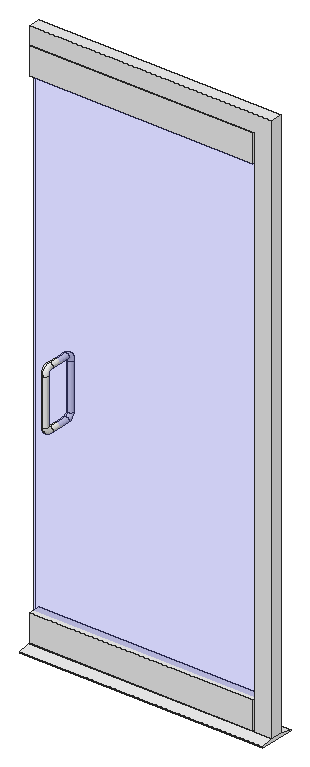
Revit family
Parameters (values of type "As Specified in the Contract Documents")
  ofst2 [instance] = abs(Offset from Exterior Wall Face - (Thickness / 2))  # 0' - 2"
  Top Rail [instance] = 0' - 4 3/4"
  Top RO Spacing = 0' - 0 1/4"
  Top Mechanism Height [instance] = if(Power Operation, 0' 7 1/2", 0' 3.13")  # 0' - 3.13"
  Threshold Width [instance] = 0' - 6"
  Threshold Material [instance] = Extruded Aluminum - Ellison
  Thickness = 0' - 2"  # constant formula
  SpecWizard = "http://www.arcat.com/specwizard/08480ell/index.htm?coid=32253&mf="
  Revision = "R1_10-2010"
  Right RO Spacing = 0' - 0.13"
  Warranty Duration (Years) = 0
  U_Factor [instance] = 0
  URL = "http://www.ellisonbronze.com/"
  Test Data = "http://www.ellisonbronze.com/newspecs/index.html"
  Specification = "http://www.arcat.com/sdspecs/htm/08480ell.htm"
  Send Message = "http://www.arcat.com/users.pl?action=UserEmail&company=Ellison%20Bronze,%20Inc.&coid=32253&rep=106&fax=716-665-5552&mf="
  Sales Information = "http://www.ellisonbronze.com/contact.html"
  SHGC [instance] = 0
  Rough Width = Width + Right RO Spacing + Left RO Spacing  # 3' - 6.29"
  Rough Height = Height + Right RO Spacing  # 8' - 1.13"
  R_Value [instance] = 0
  Product Properties = ""
  Product Data = "http://www.arcat.com/arcatcos/cos32/arc32253.html"
  Power Operation [instance] = no
  Panel Material = Extruded Aluminum - Ellison
  Operation = "As Specified in 08 42 36"
  Model = "As Specified in 08 42 36"
  Minor Door Swing Y Start = Width * 0.507  # 1' - 7.71216"
  Minor Door Swing X Start = Width * 0.6157  # 1' - 11.93842"
  Minor Door Swing Radius = Width * 0.5367  # 1' - 8.8669"
  Manufacturer Website = "http://www.ellisonbronze.com/"
  Manufacturer Phone - Toll Free = "800-665-6445 "
  Manufacturer Phone = "716-665-6522 "
  Manufacturer Fax = "716-665-5552"
  Manufacturer Address = "125 W. Main St., Falconer, NY 14733"
  Manufacturer = "Ellison Bronze, Inc."
  Maintenance Schedule (Months) = 0
  Left RO Spacing = 0' - 3.28"
  Keynote = "08 42 36"
  Installation-Fabrication = "http://www.ellisonbronze.com/instmain.html"
  Installation Phase = "Exterior Enclosure"
  Height = 8' - 1"
  Hardware Finish = Extruded Aluminum - Ellison
  Green Building-LEED = "http://www.arcat.com/green/clients/leed_data_32253.html"
  Glass Thickness = if(Height < 9' 0.1", 0' 0 1/2", 0' 0 3/4")  # 0' - 0 1/2"
  Frame Material = Extruded Aluminum - Ellison
  Fire Rating = "As Specified in 08 42 36"
  F588_Forced-Entry = "As Specified in 08 42 36"
  Expected Lifespan (Years) = 0
  E547_Water-Resistance = "As Specified in 08 42 36"
  E330_Structural-Test-Pressure = "As Specified in 08 42 36"
  E283_Air-Infiltration = "As Specified in 08 42 36"
  Drawn By = "Robert S. Weygant. CSI, CDT, SCIP"
  Door Glazing = Glass
  Description = "Aluminum All Glass Balanced Door"
  Wall Closure = (empty or 0)
  Width = 3' - 2.88"
  Copyright = "2010 ARCAT, Inc."
  Construction Details = "http://www.ellisonbronze.com/newspecs/index.html"
  Offset from Exterior Wall Face [instance] = -0' - 1"
  Bottom Rail [instance] = 0' - 4 3/4"
  Assembly Code = "B2020100"
  AAMA Conformance = "As Specified in 08 42 36"
Reference planes (in)
  plane 1 "Center (Front/Back)": y = 0.3125
  plane 2 "Center (Left/Right)": x = -0.64125
  plane 3 "Left": x = -21.72125
  plane 4 "Right": x = 17.15875
  plane 5 "Center": z = 47.27875
  plane 6 "Exterior": y = 2.3125
  plane 7 "Interior": y = -3.6875
  plane 8 "FrameRight": x = 20.43875
  plane 9 "FrameLeft": x = -21.85125
  plane 10 "FrameUpper": z = 97
  plane 11 "Top": z = 97.25
  plane 12: z = 93.87
  plane 13: z = 0.6875
Forms (in)
  Extrusion 1, solid, material "Extruded Aluminum - Ellison" <- "Panel Material"
    sketch origin (0, 0.3125, 0) x (1, 0, 0) y (0, 0, 1)
      loop
        line (17.15875, 93.87) -> (-21.72125, 93.87) -> (-21.72125, 89.12) -> (17.15875, 89.12) -> (17.15875, 93.87)
      loop
        line (17.15875, 0.6875) -> (17.15875, 5.4375) -> (-21.72125, 5.4375) -> (-21.72125, 0.6875) -> (17.15875, 0.6875)
    from -1 to 1
  Extrusion 2, solid, material "Glass" <- "Door Glazing"
    sketch origin (0, 0.3125, 0) x (1, 0, 0) y (0, 0, 1)
      loop
        line (17.15875, 93.87) -> (-21.72125, 93.87) -> (-21.72125, 0.6875) -> (17.15875, 0.6875) -> (17.15875, 93.87)
    from -0.25 to 0.25
  Extrusion 3, solid, material "Extruded Aluminum - Ellison" <- "Frame Material"
    sketch origin (0, 0.3125, 3.125) x (1, 0, 0) y (0, 0, 1)
      loop
        line (20.43875, 93.875) -> (-21.85125, 93.875) -> (-21.85125, 90.87) -> (17.40875, 90.87) -> (17.40875, -2.625) -> (20.43875, -2.625) -> (20.43875, 93.875)
    from -1 to 1
  Extrusion 4, solid, material "Extruded Aluminum - Ellison" <- "Threshold Material"
    sketch origin (-0.64125, 0, 0) x (0, 1, 0) y (0, 0, 1)
      loop
        line (3.3125, 0) -> (3.3125, 0.19) -> (1.33515, 0.5) -> (-0.71015, 0.5) -> (-2.6875, 0.19) -> (-2.6875, 0) -> (3.3125, 0)
    from -21.21 to 21.08
Lines and regions (in)
  Opening 1
    outline origin (-95.7153, -3.6875, 0) x (1, 0, 0) y (0, 0, 1)
      loop
        line (73.86405, 97.25) -> (73.86405, 0) -> (116.15405, 0) -> (116.15405, 97.25) -> (73.86405, 97.25)
  symbolic lines, style "Elevation Swing"
    curve 1: line (-21.72125, 0, 93.87) -> (17.15875, 0, 47.27875)
    curve 2: line (-21.72125, 0, 0.6875) -> (17.15875, 0, 47.27875)
  symbolic lines, style "DoorsPanelProjection"
    curve 3: line (16.13107, -11.9375, 0) -> (14.13107, -11.9375, 0)
    curve 4: line (16.13107, -11.9375, 0) -> (16.13107, 26.9425, 0)
    curve 5: line (16.13107, 26.9425, 0) -> (14.13107, 26.9425, 0)
    curve 6: line (14.13107, -11.9375, 0) -> (14.13107, 26.9425, 0)
    curve 7: arc (-21.71923, 1.3125, 0) -> (-17.65467, 12.77509, 0) -> (-7.88967, 20.02466, 0) r 20.8669
  symbolic lines, style "Plan Swing"
    curve 8: arc (-7.88967, 20.02466, 0) -> (2.90967, 24.15534, 0) -> (14.13107, 26.9425, 0) r 94.93214
  symbolic lines, style "DoorsFrameMullionProjection"
    curve 9: line (20.43875, 1.3125, 0) -> (17.40875, 1.3125, 0)
    curve 10: line (20.43875, -0.6875, 0) -> (20.43875, 1.3125, 0)
    curve 11: line (17.40875, -0.6875, 0) -> (20.43875, -0.6875, 0)
    curve 12: line (17.40875, 1.3125, 0) -> (17.40875, -0.6875, 0)
  reference lines
    curve 13: line (4.04875, 0.3125, 89.12) -> (40.40875, 0.3125, 89.12)
    curve 14: line (4.04875, 0.3125, 5.4375) -> (45.40875, 0.3125, 5.4375)
Text (in)
  text "EXTERIOR" at (-79.42766, 23.47596, 0), in view "Ref. Level"
  text "INTERIOR" at (-79.42766, -17.27685, 0), in view "Ref. Level"
  text "Exterior" at (0, 47.2975, 123.29936), in view "Left"
  text "Exterior" at (0, 19.21628, 132.11189), in view "Right"
Dimensions and locks (in)
  host wall to plane 6 "Exterior" = 0' - 0"
  host wall to plane 7 "Interior" = 0' - 0"
  "Width": plane 3 "Left" to plane 4 "Right"
  equal spacing: plane 3 "Left", plane 2 "Center (Left/Right)", plane 8 "FrameRight"
  "Right RO Spacing": plane 9 "FrameLeft" to plane 3 "Left"
  "Left RO Spacing": plane 4 "Right" to plane 8 "FrameRight"
  "ofst2": plane 1 "Center (Front/Back)" to host wall
  locked: plane 13 to level at 0.6875
  equal spacing: plane 13, plane 5 "Center", plane 12
  "Thickness": Extrusion 1 to Extrusion 1
  "Width": curve 5 to curve 3
  "Glass Thickness": Extrusion 2 to Extrusion 2
  equal spacing: Extrusion 2, plane 1 "Center (Front/Back)", Extrusion 2
  equal spacing: Extrusion 1, plane 1 "Center (Front/Back)", Extrusion 1
  locked: curve 3 to plane 1 "Center (Front/Back)" at 12.25
  "Minor Door Swing Y Start": plane 1 "Center (Front/Back)" to curve 8
  "Top Mechanism Height": plane 12 to plane 10 "FrameUpper"
  "Height": level to plane 10 "FrameUpper"
  "Top RO Spacing": plane 10 "FrameUpper" to plane 11 "Top"
  locked: curve 6 to plane 8 "FrameRight" at 6.30768
  "Thickness": curve 6 to curve 4
  "Top Rail": curve 13 to plane 12
  "Bottom Rail": plane 13 to curve 14
  equal spacing: Extrusion 4 sketch curve, plane 1 "Center (Front/Back)", Extrusion 4 sketch curve
  locked: Extrusion 4 sketch curve to level at 0.5
  Extrusion 4 sketch curve to plane 1 "Center (Front/Back)" to Extrusion 4 sketch curve = 0' - 1.02265" locked, 0' - 1.02265" locked
  "Threshold Width": Extrusion 4 to Extrusion 4
  locked: plane 3 "Left" to nested 1 at 4
  "Minor Door Swing Radius": radius of curve 7
  aligned and locked: Opening 1 sketch curve to plane 8 "FrameRight"
  aligned and locked: plane 9 "FrameLeft" to Opening 1 sketch curve
  aligned and locked: Opening 1 sketch curve to plane 11 "Top"
  aligned and locked: level to Opening 1 sketch curve
  aligned and locked: plane 4 "Right" to curve 2
  aligned and locked: plane 5 "Center" to curve 2
  aligned and locked: Extrusion 1 to curve 7
  aligned and locked: host wall to plane 7 "Interior"
  aligned and locked: plane 6 "Exterior" to host wall
  aligned and locked: curve 5 to curve 8
  aligned and locked: Extrusion 3 to curve 9
  aligned and locked: curve 9 to Extrusion 3
  aligned and locked: curve 12 to Extrusion 3  (x2)
  aligned and locked: Extrusion 1 sketch curve to curve 14
  aligned and locked: Extrusion 1 sketch curve to curve 13
  aligned and locked: Extrusion 4 to plane 8 "FrameRight"
  aligned and locked: Extrusion 4 to plane 9 "FrameLeft"
  aligned and locked: Extrusion 3 to Extrusion 1  (x2)
Automatic sketch dimensions
  curve 1 to plane 3 "Left" = 0' - 0"
  curve 1 to plane 12 = 0' - 0"
  curve 2 to plane 3 "Left" = 0' - 0"
  curve 2 to plane 13 = 0' - 0"
  curve 7 to plane 1 "Center (Front/Back)" = 0' - 0.06016"
  curve 7 to plane 2 "Center (Left/Right)" = 0' - 0.23226"
  curve 8 to plane 8 "FrameRight" = 0' - 10.92301"
  Extrusion 1 sketch curve to plane 4 "Right" = 0' - 0"
  Extrusion 1 sketch curve to plane 13 = 0' - 0"
  Extrusion 1 sketch curve to plane 12 = 0' - 0"
  Extrusion 3 sketch curve to plane 9 "FrameLeft" = 0' - 0"
  Extrusion 3 sketch curve to plane 8 "FrameRight" = 0' - 0"
  Extrusion 3 sketch curve to plane 10 "FrameUpper" = 0' - 0"
  Extrusion 3 sketch curve to plane 4 "Right" = 0' - 0 1/4"
  plane 12 to Extrusion 3 sketch curve = 0' - 0 1/8"
  Extrusion 3 sketch curve to plane 13 = 0' - 0 3/16"
  plane 2 "Center (Left/Right)" to curve 13 = 0' - 4.69"
  plane 2 "Center (Left/Right)" to curve 14 = 0' - 4.69"
  curve 13 to plane 8 "FrameRight" = 1' - 7.97"
  curve 14 to plane 8 "FrameRight" = 2' - 0.97"
  Extrusion 4 sketch curve to level = 0' - 0"
  host wall to Extrusion 4 sketch curve = 0' - 2"
  level to Extrusion 4 sketch curve = 0' - 0.19"  (x2)
  Extrusion 2 sketch curve to plane 3 "Left" = 0' - 0"
  Extrusion 2 sketch curve to plane 4 "Right" = 0' - 0"
  Extrusion 2 sketch curve to plane 13 = 0' - 0"
  Extrusion 2 sketch curve to plane 12 = 0' - 0"
  Extrusion 1 sketch curve to plane 3 "Left" = 0' - 0"  (x2)
  plane 4 "Right" to Extrusion 1 sketch curve = 0' - 0"
Nested families (in)
  nested 1: "Handle_Straight_Ellison" at (-17.72125, 0.5625, 40.68751) x (1, 0, 0) z (0, 1, 0), type "Handle_Straight_Ellison"
Definition of nested family "Handle_Straight_Ellison"
  Parameters
    Material = Stainless Steel w Polished Finish - Ellison
    Default Elevation = 4' - 0"
  Reference planes (in)
    plane 1 "Center (Front/Back)": y = 0
    plane 2: z = 0
    plane 3 "Center (Left/Right)": x = 0
  Forms (in)
    Sweep 1, solid, material "Stainless Steel w Polished Finish - Ellison" <- "Material"
      path origin (0, 0, 0) x (0, 1, 0) y (0, 0, 1)
        loop
          arc (-4.99999, -2) -> (-4.70709, -2.70711) -> (-3.99999, -3) r 1
          line (-3.99999, -3) -> (4.00001, -3)
          arc (4.00001, -3) -> (4.70712, -2.70711) -> (5.00001, -2) r 1
          line (5.00001, -2) -> (5.00001, 1.5)
          arc (5.00001, 1.5) -> (4.70712, 2.20711) -> (4.00001, 2.5) r 1
          line (4.00001, 2.5) -> (-3.99999, 2.5)
          arc (-3.99999, 2.5) -> (-4.70709, 2.20711) -> (-4.99999, 1.5) r 1
          line (-4.99999, 1.5) -> (-4.99999, -2)
      profile "PR-Circle : PR-Circle" origin (0, -4.99999, -0.25) x (0, -1, 0) y (1, 0, 0)
        loop
          circle (0, 0) r 0.5
